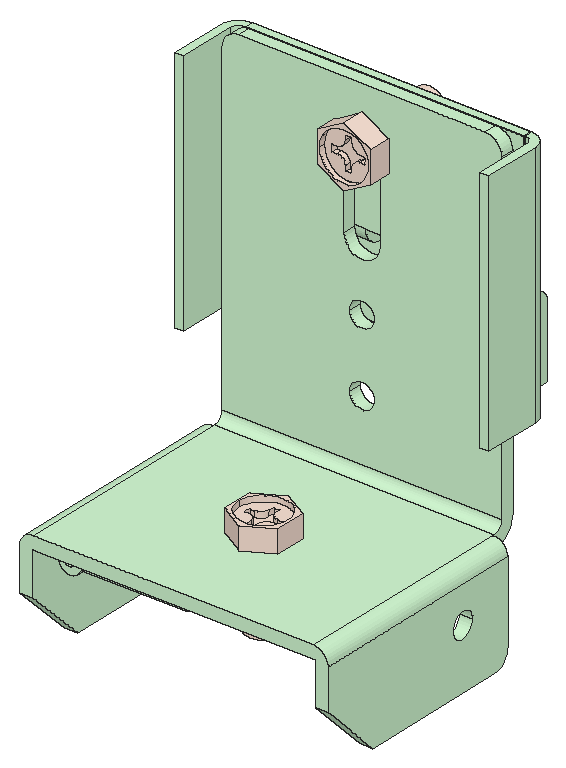
Revit family "adjust-soeru", category 機械設備, Revit 2022
Family settings
  丸型コネクタ寸法 = 直径を使用
  種別 = なし
  パーツ タイプ = 標準
  作業面ベース = いいえ
  常に垂直 = はい
  ロード時にボイドで切り取り = いいえ
  注釈の向きを維持 = いいえ
  共有 = いいえ
  部屋計算ポイント = いいえ
Parameters
  製造元 = "株式会社桐井製作所"
  既定の高さ = 0 mm
  URL = "https://www.kirii.co.jp/"
  K_許容荷重(鉛直)(N) = 1100
  K_許容荷重(水平)(N) = 370
  K_品名 = "アジャストソエル"
  K_名称 = "野縁直付天井用クリップ"
  K_入数 = "50"
  K_バージョン情報 = "20211216"
Reference planes
  plane 1 "中心(正面/背面)": y = 0
  plane 2: z = 0
  plane 3 "中心(左/右)": x = 0
Forms (mm)
  Extrusion 1, solid
    sketch origin (0, 0, 0) x (0, 1, 0) y (0, 0, 1)
      loop
        arc (-1.7, -2.3) -> (1.128, -1.128) -> (2.3, 1.7) r 4
        line (2.3, 1.7) -> (2.3, 62.7) -> (0, 62.7) -> (0, 1.7)
        arc (0, 1.7) -> (-0.498, 0.498) -> (-1.7, 0) r 1.7
        line (-1.7, 0) -> (-42, 0) -> (-42, -2.3) -> (-1.7, -2.3)
    from -25 to 25
  Extrusion 2, solid
    sketch origin (0, 0, -2.3) x (1, 0, 0) y (0, 0, 1)
      loop
        line (-25.25, -17.7) -> (-25.25, 0) -> (25.25, 0) -> (25.25, -17.7) -> (27.55, -17.7) -> (27.55, -0.2)
        arc (27.55, -0.2) -> (26.818, 1.568) -> (25.05, 2.3) r 2.5
        line (25.05, 2.3) -> (-25.05, 2.3)
        arc (-25.05, 2.3) -> (-26.818, 1.568) -> (-27.55, -0.2) r 2.5
        line (-27.55, -0.2) -> (-27.55, -17.7) -> (-25.25, -17.7)
    from 2 to 42
  Extrusion 3, void
    sketch origin (0, 0, 0) x (1, 0, 0) y (0, 0, 1)
      loop
        line (-22.045, 62.7) -> (-25, 62.7) -> (-25, 59.7)
        arc (-25, 59.7) -> (-24.137, 61.806) -> (-22.045, 62.7) r 3
    from -2.3 to 0
  Extrusion 4, void
    sketch origin (0, 0, 0) x (1, 0, 0) y (0, 0, 1)
      loop
        line (25, 59.7) -> (25, 62.7) -> (22, 62.7)
        arc (22, 62.7) -> (24.121, 61.821) -> (25, 59.7) r 3
    from -2.3 to 0
  Extrusion 5, void
    sketch origin (0, 0, 0) x (1, 0, 0) y (0, 0, 1)
      loop
        arc (3.251, 52.698) -> (0.001, 55.948) -> (-3.249, 52.698) r 3.25
        line (-3.249, 52.698) -> (-3.249, 37.697)
        arc (-3.249, 37.697) -> (-0.05, 34.448) -> (3.251, 37.593) r 3.25
        line (3.251, 37.593) -> (3.251, 52.698)
      loop
        circle (0.004, 25.698) r 2.25
      loop
        circle (0.005, 12.698) r 2.25
    from -2.3 to 0
  Extrusion 6, void
    sketch origin (52.8, 0, 0) x (0, 1, 0) y (0, 0, 1)
      loop
        line (-42, -10) -> (-42, -20) -> (-32, -20) -> (-42, -10)
    from -27.55 to -25.25
  Extrusion 7, void
    sketch origin (52.8, 0, 0) x (0, 1, 0) y (0, 0, 1)
      loop
        line (-2, -20) -> (-2, -17)
        arc (-2, -17) -> (-2.879, -19.121) -> (-5, -20) r 3
        line (-5, -20) -> (-2, -20)
    from -27.55 to -25.25
  Extrusion 8, void
    sketch origin (0, 0, 0) x (0, 1, 0) y (0, 0, 1)
      loop
        line (-42, -10) -> (-42, -20) -> (-32, -20) -> (-42, -10)
    from -27.55 to -25.25
  Extrusion 9, void
    sketch origin (0, 0, 0) x (0, 1, 0) y (0, 0, 1)
      loop
        line (-2, -20) -> (-2, -17)
        arc (-2, -17) -> (-2.879, -19.121) -> (-5, -20) r 3
        line (-5, -20) -> (-2, -20)
    from -27.55 to -25.25
  Extrusion 10, void
    sketch origin (0, 0, 0) x (0, 1, 0) y (0, 0, 1)
      loop
        circle (-12, -9.1) r 2.25
    from -27.55 to -25.25
  Extrusion 11, void
    sketch origin (52.8, 0, 0) x (0, 1, 0) y (0, 0, 1)
      loop
        circle (-12, -9.1) r 2.25
    from -27.55 to -25.25
  Extrusion 12, void
    sketch origin (0, 0, 0) x (1, 0, 0) y (0, 1, 0)
      loop
        circle (0, -22) r 3.5
    from -2.3 to 0
  Extrusion 13, solid
    sketch origin (-152.832, -91.241, 38.712) x (1, 0, 0) y (0, 1, 0)
      loop
        arc (127.931, 97.991) -> (125.669, 97.053) -> (124.731, 94.791) r 3.2
        line (124.731, 94.791) -> (124.731, 84.49) -> (126.331, 84.49) -> (126.331, 94.791)
        arc (126.331, 94.791) -> (126.8, 95.922) -> (127.931, 96.391) r 1.6
        line (127.931, 96.391) -> (177.731, 96.391)
        arc (177.731, 96.391) -> (178.863, 95.922) -> (179.331, 94.791) r 1.6
        line (179.331, 94.791) -> (179.331, 84.49) -> (180.931, 84.49) -> (180.931, 94.791)
        arc (180.931, 94.791) -> (179.994, 97.053) -> (177.731, 97.991) r 3.2
        line (177.731, 97.991) -> (127.931, 97.991)
    from -22 to 22
  Extrusion 14, void
    sketch origin (-152.832, 0, 0) x (1, 0, 0) y (0, 0, 1)
      loop
        line (179.331, 35.912) -> (126.331, 35.912) -> (126.331, 16.712) -> (179.331, 16.712) -> (179.331, 35.912)
    from -6.75 to -5.15
  Extrusion 15, solid
    sketch origin (-152.832, 0, 0) x (1, 0, 0) y (0, 0, 1)
      loop
        circle (152.832, 52.715) r 4
      loop
        circle (152.832, 52.715) r 3
    from -7.95 to -5.15
  Extrusion 16, void
    sketch origin (-152.832, 0, 0) x (1, 0, 0) y (0, 0, 1)
      loop
        circle (152.832, 52.715) r 3
    from -6.75 to -5.15
  Extrusion 17, solid
    sketch origin (-0.019, -22.149, 103.153) x (1, 0, 0) y (0, 0, 1)
      loop
        arc (-18.445, -106.391) -> (-18.933, -106.494) -> (-19.329, -106.797) r 1.133
        line (-19.329, -106.797) -> (-19.911, -107.458)
        arc (-19.911, -107.458) -> (-20.243, -107.711) -> (-20.65, -107.801) r 0.967
        arc (-20.65, -107.801) -> (-21.066, -107.676) -> (-21.343, -107.342) r 0.753
        line (-21.343, -107.342) -> (-22.508, -104.601) -> (-23.583, -105.138) -> (-22.448, -107.811)
        arc (-22.448, -107.811) -> (-21.728, -108.677) -> (-20.65, -109.001) r 1.953
        arc (-20.65, -109.001) -> (-19.744, -108.802) -> (-19.004, -108.243) r 2.167
        line (-19.004, -108.243) -> (-18.429, -107.591) -> (18.47, -107.591) -> (19.042, -108.239)
        arc (19.042, -108.239) -> (19.782, -108.798) -> (20.688, -108.996) r 2.167
        arc (20.688, -108.996) -> (21.766, -108.672) -> (22.485, -107.806) r 1.953
        line (22.485, -107.806) -> (23.621, -105.132) -> (22.545, -104.596) -> (21.381, -107.337)
        arc (21.381, -107.337) -> (21.103, -107.671) -> (20.688, -107.796) r 0.753
        arc (20.688, -107.796) -> (20.281, -107.706) -> (19.949, -107.453) r 0.967
        line (19.949, -107.453) -> (19.367, -106.793)
        arc (19.367, -106.793) -> (18.932, -106.473) -> (18.399, -106.391) r 1.133
        line (18.399, -106.391) -> (-18.445, -106.391)
    from -17.649 to 17.351
  Extrusion 18, void
    sketch origin (0, 182.851, 103.153) x (1, 0, 0) y (0, 1, 0)
      loop
        line (19.556, -207.85) -> (0, -222.351) -> (23.602, -222.351) -> (23.602, -199.817)
        arc (23.602, -199.817) -> (22.532, -204.314) -> (19.556, -207.85) r 10
      loop
        line (-19.556, -201.853) -> (0, -187.351) -> (-23.602, -187.351) -> (-23.602, -209.885)
        arc (-23.602, -209.885) -> (-22.532, -205.389) -> (-19.556, -201.853) r 10
    from -109.407 to -104.239
  Extrusion 19, void
    sketch origin (0, 182.851, 104.091) x (1, 0, 0) y (0, 1, 0)
      loop
        circle (0, -204.851) r 3
    from -107.586 to -106.386
  Extrusion 20, solid
    sketch origin (-152.832, 0, 0) x (0, 1, 0) y (0, 0, 1)
      loop
        arc (8.35, 34.3) -> (7.219, 34.769) -> (6.75, 35.9) r 1.6
        line (6.75, 35.9) -> (6.75, 60.712) -> (5.15, 60.712) -> (5.15, 35.9)
        arc (5.15, 35.9) -> (5.579, 34.3) -> (6.75, 33.129) r 3.2
        arc (6.75, 33.129) -> (7.668, 32.774) -> (8.65, 32.714) r 3.2
        line (8.65, 32.714) -> (8.65, 19.1) -> (10.25, 19.1) -> (10.25, 32.3)
        arc (10.25, 32.3) -> (9.664, 33.714) -> (8.25, 34.3) r 2
    from 127.934 to 177.598
  Extrusion 21, void
    sketch origin (0, 0, 0) x (1, 0, 0) y (0, 0, 1)
      loop
        line (3.5, 19.1) -> (3.5, 35.912) -> (-3.5, 35.912) -> (-3.5, 19.1) -> (3.5, 19.1)
    from -10.25 to -5.15
Cuts and joins
  Extrusion 3, Extrusion 4, Extrusion 5, Extrusion 6, Extrusion 7, Extrusion 8, Extrusion 9, Extrusion 11, Extrusion 12 cuts Extrusion 1
  Extrusion 4, Extrusion 5, Extrusion 6, Extrusion 7, Extrusion 8, Extrusion 9, Extrusion 10, Extrusion 11, Extrusion 12 cuts Extrusion 2
  joined: Extrusion 1, Extrusion 2
  Extrusion 14, Extrusion 16 cuts Extrusion 13
  Extrusion 16 cuts Extrusion 15
  Extrusion 18, Extrusion 19 cuts Extrusion 17
  Extrusion 21 cuts Extrusion 20
Dimensions and locks
  aligned and locked: level to plane 2
Nested families
  nested 1: "トリーマセムス(首下15mm)" at (0, 0, 52.896) x (-1, 0, 0) z (0, 0, 1), type "トリーマセムス(首下15mm)"
  nested 2: "トリーマセムス(首下15mm)" at (0, -22.2, -0.003) x (-1, 0, 0) z (0, -1, 0.0001), type "トリーマセムス(首下15mm)"
Definition of nested family "トリーマセムス(首下15mm)"
  Parameters (values of type "トリーマセムス(首下15mm)")
    Manufacturer = "株式会社桐井製作所"
    Default Elevation = 0 mm
    URL = "https://www.kirii.co.jp/"
    K_名称 = "トリーマセムス(首下15mm)"
  Reference planes
    plane 1 "中心(正面/背面)": y = 0
    plane 2: z = 0
    plane 3 "中心(左/右)": x = 0
    plane 4 "正面": y = -4
  Forms (mm)
    Extrusion 1, solid
      sketch origin (0, 0, 0) x (1, 0, 0) y (0, 0, 1)
        loop
          line (-4.763, -2.946) -> (0, -5.696) -> (4.763, -2.946) -> (4.763, 2.554) -> (0, 5.304) -> (-4.763, 2.554) -> (-4.763, -2.946)
      from 0 to 4
    Extrusion 2, void
      sketch origin (0, -4, 0) x (-1, 0, 0) y (0, 0, 1)
        loop
          circle (0, -0.156) r 4.396
      from 0 to 1
    Extrusion 3, void
      sketch origin (0, -4, 0) x (-1, 0, 0) y (0, 0, 1)
        loop
          arc (-0.6, 1.814) -> (-1.069, 0.856) -> (-2.036, 0.404) r 1.605
          line (-2.036, 0.404) -> (-2.939, 0.404)
          arc (-2.939, 0.404) -> (-3, -0.195) -> (-2.94, -0.795) r 3
          line (-2.94, -0.795) -> (-2.049, -0.795)
          arc (-2.049, -0.795) -> (-1.074, -1.243) -> (-0.6, -2.206) r 1.605
          line (-0.6, -2.206) -> (-0.6, -3.135)
          arc (-0.6, -3.135) -> (0, -3.196) -> (0.6, -3.135) r 3
          line (0.6, -3.135) -> (0.6, -2.206)
          arc (0.6, -2.206) -> (1.074, -1.243) -> (2.049, -0.795) r 1.605
          line (2.049, -0.795) -> (2.94, -0.795)
          arc (2.94, -0.795) -> (3, -0.198) -> (2.941, 0.398) r 3
          line (2.941, 0.398) -> (2.117, 0.398)
          arc (2.117, 0.398) -> (1.098, 0.828) -> (0.6, 1.814) r 1.605
          line (0.6, 1.814) -> (0.6, 2.743)
          arc (0.6, 2.743) -> (0, 2.804) -> (-0.6, 2.743) r 3
          line (-0.6, 2.743) -> (-0.6, 1.814)
      from 0 to 2
    Extrusion 4, solid
      sketch origin (0, 0, 0) x (1, 0, 0) y (0, 0, 1)
        loop
          circle (-0.011, -0.2) r 3
      from 0 to -15
  Cuts and joins
    Extrusion 2, Extrusion 3 cuts Extrusion 1
    joined: Extrusion 1, Extrusion 4
  Dimensions and locks
    aligned and locked: level to plane 2
